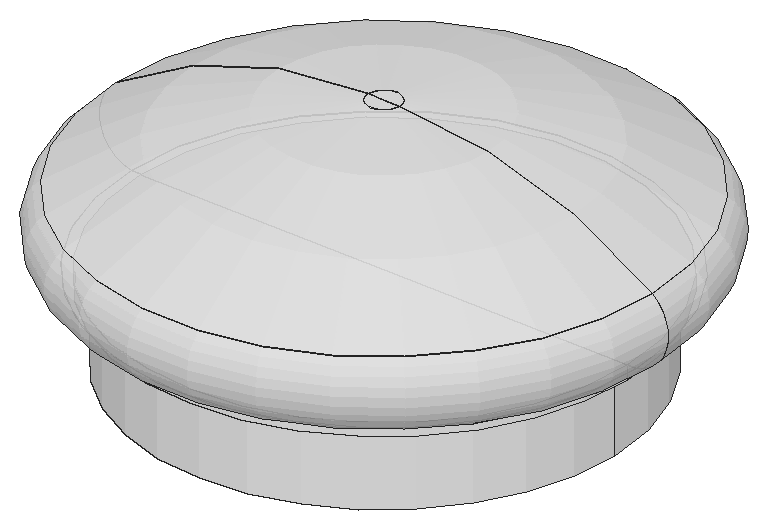
Revit family "0043260 Sylvania Lighting Fixture SYLCIRCLE 6W 4000K", category Lighting Fixtures, host Face, Revit 2016
Family settings
  Host = Face
  Part Type = Normal
  Round Connector Dimension = Use Diameter
  OmniClass Number = 23.80.70.11.17
  OmniClass Title = Specialized Lighting by Location or Use
  Cut with Voids When Loaded = No
  Light Source = Yes
  Shared = No
  Room Calculation Point = No
Parameters (values of type "0043260 SYLCIRCLE 6W 4000K")
  Weight = "1.41 kg"
  WarrantyStartDate [instance] = "n/a"
  WarrantyGuarantorParts = "n/a"
  WarrantyDurationUnit = "n/a"
  WarrantyDurationParts = "n/a"
  WarrantyDescription = "n/a"
  Voltage = 230 V
  TypeName = "SYLCIRCLE 6W 4000K"
  SerialNumber [instance] = "n/a"
  Radius_FEILO = 90.0 mm
  Wattage = 6 W
  built-in parameter 1150110 = 1 (stored number, unit not read)
  URL = "http://www.sylvania-lighting.com"
  built-in parameter 1114217 = 1 (stored number, unit not read)
  Tilt Angle = -90°
  built-in parameter 1150109 = 1 (stored number, unit not read)
  built-in parameter 1150134 = 12
  built-in parameter 1150113 = 1 (stored number, unit not read)
  PowerFactor = 0.8
  PowerConsumption = "6 W"
  Photometric Web File = "0043260.ies"
  NominalWidth = 0.0 mm
  NominalLength = 180.0 mm
  NominalHeight = 75.0 mm
  Name = "SYLCIRCLE 6W 4000K"
  ModelReference = "SYLCIRCLE 6W 4000K"
  ModelNumber = "0043260"
  Material_4_FEILO = none
  Material_3_FEILO = Polycarbonate_Sylvania_Sylcircle_Opal
  Material_2_FEILO = Metal_Sylvania_Sylcircle_White
  Material_1_FEILO = none
  Material = "aluminium housing, polycarbonate diffuser"
  ManufacturerName = "Feilo Sylvania"
  LuminousEfficacy = "86 lm/W"
  LuminaireType = ""
  LightOutputRatio = "n/a"
  LampsType = Lamp  # "LED"
  LampNominalLuminous = "515 lm"
  LampMacAdamStep = "6"
  LampColourTemperature = "4000 K"
  LampColourRenderingIndex = "80"
  Keynote = "16500"
  InstallationDate [instance] = "n/a"
  InputVoltage = "220-240V~"
  InputNominalFrequency = "50 Hz"
  IngressProtection = "IP44"
  ImpactProtectionIndex = "IK03"
  IfcExportType = "IfcLightFixtureType"
  IfcExportAs = "IfcLightFixtureType"
  Height_FEILO = 75.0 mm
  ExpectedLife = 50000
  ElectricShockClassification = "Class I"
  DurationUnit = "hours"
  DocumentationLiterature = "http://www.sylvania-lighting.com/product/en-int/products/0043260"
  DimmingControlOptions = "Non dimmable"
  Diameter_FEILO = 2 * Radius_FEILO  # 180.0 mm
  CreatedOn = "5/25/2018"
  CreatedBy = "aron.fodor@sylvania-lighting.com"
  built-in parameter 1114216 [instance] = 1 (stored number, unit not read)
  Model = "SYLCIRCLE 6W 4000K"
  Manufacturer = "Feilo Sylvania"
  built-in parameter 1150105 = 138.1 (stored number, unit not read)
  Lumens = 516 lm
  built-in parameter 1150115 = 1 (stored number, unit not read)
  built-in parameter 1150137 = (empty or 0)
  built-in parameter 1150139 = (empty or 0)
  built-in parameter 1150112 = 1 (stored number, unit not read)
  built-in parameter 1150114 = 1 (stored number, unit not read)
  Lamp = "LED"
  built-in parameter 1150132 = 2
  built-in parameter 1150102 = (empty or 0)
  built-in parameter 1150107 = 4000 (stored number, unit not read)
  built-in parameter 1150138 = (empty or 0)
  built-in parameter 1150106 = 1.381 (stored number, unit not read)
  built-in parameter 1150104 = 7.9897 (stored number, unit not read)
  Dimming Lamp Color Temperature Shift = <None>
  Description = "Ceiling / wall luminaire with integrated LED  Perfect solution for hallways, circulation spaces or foyer.   Even and uniform light distribution with a halo lighting effect on the wall surface    6W 515 lumens Supplied with LED driver (non-dimmable)    IK03 PMMA diffuser   Low maintenance with 30,000 hours LED life expectancy"
  Default Elevation = 0.0 mm
  Color Filter = 16777215
  built-in parameter 1140040 [instance] = 1
  BarCode [instance] = "n/a"
  built-in parameter 1114218 = 1 (stored number, unit not read)
  built-in parameter 1150133 = 10 (stored number, unit not read)
  AssetType = "Fixed"
  AssetIdentifier [instance] = "n/a"
  Assembly Code = "D5020200"
  Apparent Load = 6 VA
Reference planes
  plane 1 "Center (Front/Back)": y = 0
  plane 2: z = 0
  plane 3 "Center (Left/Right)": x = 0
  plane 4: x = 90
  plane 5: z = 23
  plane 6 "Housing Bottom": z = 27
  plane 7: z = 50
  plane 8 "Fixture Bottom": z = 75
  plane 9: x = 85
  plane 10: x = 80
  plane 11: x = 77
  plane 12: x = 73
Forms (mm)
  Revolve 1, solid, material "Polycarbonate_Sylvania_Sylcircle_Opal" <- "Material_3_FEILO", detail levels fine
    sketch origin (0, 0, 0) x (1, 0, 0) y (0, 0, 1)
      loop
        line (0, 75) -> (0, 27) -> (79.962, 27)
        arc (79.962, 27) -> (89.736, 36.911) -> (85, 50) r 13.044
        arc (85, 50) -> (46.908, 68.604) -> (5, 75) r 140.5
        line (5, 75) -> (0, 75)
      axis (0, 75) -> (0, 27)
    angle from 0 to 360
  Revolve 2, solid, material "Metal_Sylvania_Sylcircle_White" <- "Material_2_FEILO", detail levels fine
    sketch origin (0, 0, 0) x (1, 0, 0) y (0, 0, 1)
      loop
        line (77, 27) -> (0, 27) -> (0, 0) -> (73, 0) -> (73, 23) -> (77, 23) -> (77, 27)
      axis (0, 27) -> (0, 0)
    angle from 0 to 360
  Revolve 3, solid, material "Metal_Sylvania_Sylcircle_White" <- "Material_2_FEILO", detail levels coarse+medium
    sketch origin (0, 0, 0) x (1, 0, 0) y (0, 0, 1)
      loop
        line (0, 75) -> (0, 0) -> (73, 0) -> (73, 23) -> (77, 23) -> (77, 27) -> (79.962, 27)
        arc (79.962, 27) -> (89.736, 36.911) -> (85, 50) r 13.044
        arc (85, 50) -> (46.908, 68.604) -> (5, 75) r 140.5
        line (5, 75) -> (0, 75)
      axis (0, 75) -> (0, 0)
    angle from 0 to 360
Dimensions and locks
  "Height_FEILO": plane 8 "Fixture Bottom" to plane 2
  "Radius_FEILO": plane 4 to plane 3 "Center (Left/Right)"
  plane 6 "Housing Bottom" to plane 5 to plane 2 = 4.0 mm locked, 23.0 mm locked
  plane 4 to plane 9 to plane 10 to plane 11 to plane 12 = 5.0 mm locked, 5.0 mm locked, 3.0 mm locked, 4.0 mm locked
  aligned and locked: plane 2 to host face
  aligned and locked: level to host face
  aligned and locked: plane 1 "Center (Front/Back)" to imposter light
  aligned and locked: plane 3 "Center (Left/Right)" to imposter light
  aligned and locked: Revolve 1 sketch curve to plane 3 "Center (Left/Right)"
  aligned and locked: plane 6 "Housing Bottom" to Revolve 1 sketch curve  (x2)
  aligned and locked: Revolve 1 sketch curve to plane 8 "Fixture Bottom"
  aligned and locked: plane 9 to Revolve 1 sketch curve
  aligned and locked: Revolve 2 sketch curve to plane 6 "Housing Bottom"
  aligned and locked: Revolve 2 sketch curve to plane 11
  aligned and locked: Revolve 2 sketch curve to plane 5
  aligned and locked: Revolve 2 sketch curve to plane 12
  aligned and locked: Revolve 2 sketch curve to plane 2
  aligned and locked: Revolve 2 sketch curve to plane 3 "Center (Left/Right)"  (x2)
  aligned and locked: plane 8 "Fixture Bottom" to imposter light
  aligned and locked: plane 9 to Revolve 3 sketch curve
  aligned and locked: plane 6 "Housing Bottom" to Revolve 3 sketch curve
  aligned and locked: plane 7 to Revolve 3 sketch curve
  aligned and locked: Revolve 3 sketch curve to imposter light
  aligned and locked: Revolve 3 sketch curve to plane 11
  aligned and locked: Revolve 3 sketch curve to plane 2
  aligned and locked: Revolve 3 sketch curve to plane 5
  aligned and locked: Revolve 3 sketch curve to plane 12
Automatic sketch dimensions
  host sketch curve to host sketch curve = 1305.563 mm
  host sketch curve to host sketch curve = 1283.632 mm
  Revolve 1 sketch curve to plane 3 "Center (Left/Right)" = 0.0 mm
  Revolve 1 sketch curve to plane 7 = 0.0 mm
  Revolve 1 sketch curve to plane 10 = 0.038 mm
  plane 3 "Center (Left/Right)" to Revolve 1 sketch curve = 5.0 mm
  Revolve 1 sketch curve to plane 10 = 3.007 mm
  Revolve 1 sketch curve to Revolve 1 sketch curve = 234.06 mm
  Revolve 1 sketch curve to Revolve 1 sketch curve = 2559.943 mm
  Revolve 2 sketch curve to level = 372.274 mm
  plane 8 "Fixture Bottom" to Revolve 2 sketch curve = 2559.943 mm
  Revolve 3 sketch curve to plane 3 "Center (Left/Right)" = 0.0 mm  (x2)
  plane 3 "Center (Left/Right)" to Revolve 3 sketch curve = 5.0 mm
  Revolve 3 sketch curve to plane 10 = 0.038 mm
  Revolve 3 sketch curve to plane 11 = 0.007 mm
  Revolve 3 sketch curve to Revolve 3 sketch curve = 234.06 mm
  Revolve 3 sketch curve to Revolve 3 sketch curve = 2559.943 mm
Connectors
  electrical at (0, 0, 0), driven by "Apparent Load", driven by "Voltage", driven by "PowerFactor"
    settings: on Revolve 2, index 1, voltage 230 V, apparent load 0 VA, apparent load phase1 6 VA, apparent load phase2 0 VA, apparent load phase3 0 VA, power factor 0.8, load classification "Lighting", number of poles 1, system type 31, power factor state 1, is connector primary yes, connector utility no, sub classification motor no, connector description ""
